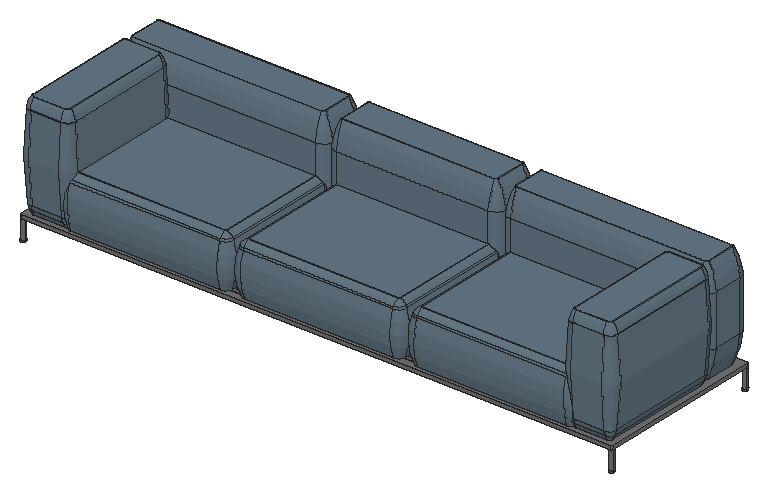
Revit family "Haworth_Mex-Hi_Sofa_ExtraWide", category Furniture, Revit 2018 (continued)
Definition of nested family "Haworth_Mex-Hi_Sofa_Seat-Wide-PART"
  Forms (in)
    Extrusion 6, solid, material <- "Seat Upholstery Finish", visible <- "Peninsula Seat"
      sketch origin (0, 0, 0) x (1, 0, 0) y (0, 1, 0)
        loop
          arc (7.11037, 8.64594) -> (6.96338, 8.58506) -> (6.9025, 8.43807) r 0.20787
          line (6.9025, 8.43807) -> (6.9025, -1.85406) -> (-28.21385, -1.85406)
          arc (-28.21385, -1.85406) -> (-28.36084, -1.91494) -> (-28.42172, -2.06193) r 0.20787
          line (-28.42172, -2.06193) -> (-28.42172, -22.96848)
      from 4.88189 to 15.36974
    Sweep 7, solid, material <- "Seat Upholstery Finish", visible <- "Middle Large Seat"
      path origin (4.78944, 14.72405, 0) x (1, 0, 0) y (0, 1, 0)
        loop
          arc (8.99067, -39.44252) -> (10.2281, -38.92996) -> (10.74067, -37.69252) r 1.75
          line (10.74067, -37.69252) -> (10.74067, -14.53597)
          arc (10.74067, -14.53597) -> (10.2281, -13.29854) -> (8.99067, -12.78597) r 1.75
          line (8.99067, -12.78597) -> (-30.80933, -12.78597)
          arc (-30.80933, -12.78597) -> (-32.04677, -13.29854) -> (-32.55933, -14.53597) r 1.75
          line (-32.55933, -14.53597) -> (-32.55933, -37.69252)
          arc (-32.55933, -37.69252) -> (-32.04677, -38.92996) -> (-30.80933, -39.44252) r 1.75
          line (-30.80933, -39.44252) -> (8.99067, -39.44252)
      profile origin (-6.11989, -24.71848, 0) x (0, -1, 0) y (0, 0, 1)
        loop
          arc (-0.11034, 13.92822) -> (-0.19803, 14.13034) -> (-0.31579, 14.31655) r 1.42697
          arc (-0.31579, 14.31655) -> (-0.8708, 14.91087) -> (-1.54213, 15.36974) r 3.70331
          line (-1.54213, 15.36974) -> (-1.54213, 4.88189) -> (-0.41268, 4.88189)
          arc (-0.41268, 4.88189) -> (0.57441, 9.37712) -> (-0.11034, 13.92822) r 12.66244
    Extrusion 8, solid, material <- "Seat Upholstery Finish", visible <- "Middle Large Seat"
      sketch origin (4.78944, 14.97405, 0) x (1, 0, 0) y (0, 1, 0)
        loop
          arc (9.19853, -14.53597) -> (9.13765, -14.38899) -> (8.99067, -14.32811) r 0.20787
          line (8.99067, -14.32811) -> (-30.80933, -14.32811)
          arc (-30.80933, -14.32811) -> (-30.95632, -14.38899) -> (-31.0172, -14.53597) r 0.20787
          line (-31.0172, -14.53597) -> (-31.0172, -37.94252)
          arc (-31.0172, -37.94252) -> (-30.95632, -38.08951) -> (-30.80933, -38.15039) r 0.20787
          line (-30.80933, -38.15039) -> (8.99067, -38.15039)
          arc (8.99067, -38.15039) -> (9.13765, -38.08951) -> (9.19853, -37.94252) r 0.20787
          line (9.19853, -37.94252) -> (9.19853, -14.53597)
      from 4.88189 to 15.36974
  Lines and regions (in)
    Masking region 1, visible <- "Middle Small Seat"
      outline origin (0, 0, 0) x (1, 0, 0) y (0, 1, 0)
        loop
          line (-23.80117, 0.15039) -> (-23.80117, -22.93079)
          arc (-23.80117, -22.93079) -> (-23.06894, -24.69856) -> (-21.30117, -25.43079) r 2.5
          line (-21.30117, -25.43079) -> (9.06138, -25.43079)
          arc (9.06138, -25.43079) -> (10.82915, -24.69856) -> (11.56138, -22.93079) r 2.5
          line (11.56138, -22.93079) -> (11.56138, 0.15039)
          arc (11.56138, 0.15039) -> (10.82915, 1.91816) -> (9.06138, 2.65039) r 2.5
          line (9.06138, 2.65039) -> (-21.30117, 2.65039)
          arc (-21.30117, 2.65039) -> (-23.06894, 1.91816) -> (-23.80117, 0.15039) r 2.5
    Masking region 2, visible <- "L/R Seat"
      outline origin (0, 0, 0) x (1, 0, 0) y (0, 1, 0)
        loop
          line (-19.80117, 0.15039) -> (-19.80117, -22.93079)
          arc (-19.80117, -22.93079) -> (-19.06894, -24.69856) -> (-17.30117, -25.43079) r 2.5
          line (-17.30117, -25.43079) -> (5.06138, -25.43079)
          arc (5.06138, -25.43079) -> (6.82915, -24.69856) -> (7.56138, -22.93079) r 2.5
          line (7.56138, -22.93079) -> (7.56138, 0.15039)
          arc (7.56138, 0.15039) -> (6.82915, 1.91816) -> (5.06138, 2.65039) r 2.5
          line (5.06138, 2.65039) -> (-17.30117, 2.65039)
          arc (-17.30117, 2.65039) -> (-19.06894, 1.91816) -> (-19.80117, 0.15039) r 2.5
    Masking region 3, visible <- "Peninsula Seat"
      outline origin (0, 0, 0) x (1, 0, 0) y (0, 1, 0)
        loop
          line (4.77305, 0.27539) -> (-28.30117, 0.27539)
          arc (-28.30117, 0.27539) -> (-29.89216, -0.38362) -> (-30.55117, -1.97461) r 2.25
          line (-30.55117, -1.97461) -> (-30.55117, -23.05579)
          arc (-30.55117, -23.05579) -> (-29.89216, -24.64678) -> (-28.30117, -25.30579) r 2.25
          line (-28.30117, -25.30579) -> (18.93638, -25.30579)
          arc (18.93638, -25.30579) -> (20.52737, -24.64678) -> (21.18638, -23.05579) r 2.25
          line (21.18638, -23.05579) -> (21.18638, 8.52539)
          arc (21.18638, 8.52539) -> (20.52737, 10.11638) -> (18.93638, 10.77539) r 2.25
          line (18.93638, 10.77539) -> (7.02305, 10.77539)
          arc (7.02305, 10.77539) -> (5.43206, 10.11638) -> (4.77305, 8.52539) r 2.25
          line (4.77305, 8.52539) -> (4.77305, 0.27539)
    Masking region 4, visible <- "Middle Large Seat"
      outline origin (0, 0, 0) x (1, 0, 0) y (0, 1, 0)
        loop
          line (-28.42172, 0.15039) -> (-28.42172, -22.93079)
          arc (-28.42172, -22.93079) -> (-27.68949, -24.69856) -> (-25.92172, -25.43079) r 2.5
          line (-25.92172, -25.43079) -> (13.61448, -25.43079)
          arc (13.61448, -25.43079) -> (15.38225, -24.69856) -> (16.11448, -22.93079) r 2.5
          line (16.11448, -22.93079) -> (16.11448, 0.15039)
          arc (16.11448, 0.15039) -> (15.38225, 1.91816) -> (13.61448, 2.65039) r 2.5
          line (13.61448, 2.65039) -> (-25.92172, 2.65039)
          arc (-25.92172, 2.65039) -> (-27.68949, 1.91816) -> (-28.42172, 0.15039) r 2.5
  Dimensions and locks (in)
    equal spacing: plane 8 "Left", plane 2 "Center L/R", plane 7 "Right"
    "Actual Width": plane 8 "Left" to plane 7 "Right"
    equal spacing: plane 5 "Back", plane 3 "Center F/B", plane 6 "Front"
    "Actual Depth": plane 5 "Back" to plane 6 "Front"
    "Actual Height": plane 4 "Top" to plane 1
    "Seat Height": plane 9 to level
    aligned and locked: Sweep 7 to Extrusion 8 sketch curve
    aligned and locked: Extrusion 8 sketch curve to Sweep 7
  Automatic sketch dimensions
    plane 8 "Left" to Extrusion 1 sketch curve = 2.29174"
    Extrusion 1 sketch curve to Extrusion 1 sketch curve = 0.20787"  (x3)
    Extrusion 1 sketch curve to plane 7 "Right" = 2.49961"  (x2)
    plane 6 "Front" to Extrusion 1 sketch curve = 2.72405"
    Extrusion 1 sketch curve to plane 5 "Back" = 2.71232"
    plane 8 "Left" to Sweep 2 sketch curve = 0.74961"
    Sweep 2 sketch curve to plane 5 "Back" = 0.96232"
    Sweep 2 sketch curve to Sweep 2 sketch curve = 1.75"  (x2)
    plane 6 "Front" to Sweep 2 sketch curve = 1.18191"
    Sweep 2 sketch curve to plane 7 "Right" = 2.49961"  (x2)
    Sweep 2 sketch curve to plane 7 "Right" = 0.74961"
    profile plane to Sweep 2 sketch curve = 12.08096"
    profile plane to Sweep 2 sketch curve = 3.28358"
    profile plane to Sweep 2 sketch curve = 1.54213"
    profile plane to Sweep 2 sketch curve = 1.45935"
    profile plane to Sweep 2 sketch curve = 0.41268"
    level to Sweep 2 sketch curve = 4.88189"
    level to Sweep 2 sketch curve = 9.80008"
    Sweep 2 sketch curve to Sweep 2 sketch curve = 7.21954"
    Sweep 2 sketch curve to Sweep 2 sketch curve = 1.36158"
    Sweep 2 sketch curve to Sweep 2 sketch curve = 1.90673"
    Sweep 2 sketch curve to Sweep 2 sketch curve = 0.00"
    plane 6 "Front" to Extrusion 3 sketch curve = 2.93191"  (x2)
    plane 8 "Left" to Extrusion 3 sketch curve = 6.29174"
    Extrusion 3 sketch curve to Extrusion 3 sketch curve = 0.20787"  (x2)
    Extrusion 3 sketch curve to plane 5 "Back" = 2.71232"
    Extrusion 3 sketch curve to plane 7 "Right" = 6.49961"  (x2)
    plane 8 "Left" to Sweep 4 sketch curve = 4.74961"
    Sweep 4 sketch curve to plane 5 "Back" = 0.96232"
    Sweep 4 sketch curve to Sweep 4 sketch curve = 1.75"  (x3)
    plane 6 "Front" to Sweep 4 sketch curve = 1.18191"
    plane 6 "Front" to Sweep 4 sketch curve = 2.93191"
    Sweep 4 sketch curve to plane 7 "Right" = 6.49961"
    profile plane to Sweep 4 sketch curve = 12.08096"
    profile plane to Sweep 4 sketch curve = 3.28358"
    profile plane to Sweep 4 sketch curve = 1.54213"
    profile plane to Sweep 4 sketch curve = 1.45935"
    profile plane to Sweep 4 sketch curve = 0.41268"
    level to Sweep 4 sketch curve = 4.88189"
    level to Sweep 4 sketch curve = 9.80008"
    Sweep 4 sketch curve to Sweep 4 sketch curve = 7.21954"
    Sweep 4 sketch curve to Sweep 4 sketch curve = 1.36158"
    Sweep 4 sketch curve to Sweep 4 sketch curve = 1.90673"
    Sweep 4 sketch curve to Sweep 4 sketch curve = 0.00"
    plane 8 "Left" to Masking region 1 sketch curve = 0.16833"
    plane 6 "Front" to Masking region 1 sketch curve = 0.4696"
    plane 8 "Left" to Masking region 1 sketch curve = 2.66833"
    Masking region 1 sketch curve to Masking region 1 sketch curve = 2.50"
    Masking region 1 sketch curve to plane 5 "Back" = 0.25"
    Masking region 1 sketch curve to plane 7 "Right" = 2.66833"  (x2)
    Masking region 1 sketch curve to plane 7 "Right" = 0.16833"
    plane 8 "Left" to Masking region 2 sketch curve = 4.16833"
    Masking region 2 sketch curve to Masking region 2 sketch curve = 2.50"  (x3)
    Masking region 2 sketch curve to plane 5 "Back" = 0.25"
    Masking region 2 sketch curve to plane 7 "Right" = 6.66833"  (x2)
    plane 6 "Front" to Masking region 2 sketch curve = 0.4696"
    Sweep 5 sketch curve to plane 8 "Left" = 5.99435"
    Sweep 5 sketch curve to Sweep 5 sketch curve = 1.75"  (x4)
    Sweep 5 sketch curve to plane 7 "Right" = 6.36935"
    plane 7 "Right" to Sweep 5 sketch curve = 7.11935"  (x2)
    plane 6 "Front" to Sweep 5 sketch curve = 2.93191"
    Sweep 5 sketch curve to plane 5 "Back" = 4.96232"
    plane 5 "Back" to Sweep 5 sketch curve = 5.53768"
    profile plane to Sweep 5 sketch curve = 12.08096"
    profile plane to Sweep 5 sketch curve = 3.28358"
    profile plane to Sweep 5 sketch curve = 1.54213"
    profile plane to Sweep 5 sketch curve = 1.45935"
    profile plane to Sweep 5 sketch curve = 0.41268"
    level to Sweep 5 sketch curve = 4.88189"
    level to Sweep 5 sketch curve = 9.80008"
    Sweep 5 sketch curve to Sweep 5 sketch curve = 7.21954"
    Sweep 5 sketch curve to Sweep 5 sketch curve = 1.36158"
    Sweep 5 sketch curve to Sweep 5 sketch curve = 1.90673"
    Sweep 5 sketch curve to Sweep 5 sketch curve = 0.00"
    Extrusion 6 sketch curve to plane 8 "Left" = 4.45222"
    Extrusion 6 sketch curve to Extrusion 6 sketch curve = 0.20787"  (x4)
    Extrusion 6 sketch curve to plane 7 "Right" = 4.82722"
    plane 6 "Front" to Extrusion 6 sketch curve = 2.72405"
    plane 7 "Right" to Extrusion 6 sketch curve = 7.11935"  (x2)
    Extrusion 6 sketch curve to plane 5 "Back" = 4.96232"
    plane 5 "Back" to Extrusion 6 sketch curve = 5.53768"
    Masking region 3 sketch curve to plane 8 "Left" = 6.58167"
    plane 6 "Front" to Masking region 3 sketch curve = 0.5946"
    Masking region 3 sketch curve to Masking region 3 sketch curve = 2.25"  (x4)
    Masking region 3 sketch curve to plane 5 "Back" = 2.625"
    Masking region 3 sketch curve to plane 7 "Right" = 6.95667"
    plane 7 "Right" to Masking region 3 sketch curve = 7.20667"  (x2)
    plane 5 "Back" to Masking region 3 sketch curve = 5.625"
    Sweep 7 sketch curve to plane 8 "Left" = 3.80039"
    Sweep 7 sketch curve to plane 5 "Back" = 0.96232"
    Sweep 7 sketch curve to plane 8 "Left" = 2.05039"  (x2)
    plane 6 "Front" to Sweep 7 sketch curve = 1.18191"
    plane 7 "Right" to Sweep 7 sketch curve = 2.05039"  (x2)
    Sweep 7 sketch curve to Sweep 7 sketch curve = 1.75"
    profile plane to Sweep 7 sketch curve = 12.08096"
    profile plane to Sweep 7 sketch curve = 3.28358"
    profile plane to Sweep 7 sketch curve = 1.54213"
    profile plane to Sweep 7 sketch curve = 1.45935"
    profile plane to Sweep 7 sketch curve = 0.41268"
    level to Sweep 7 sketch curve = 4.88189"
    level to Sweep 7 sketch curve = 9.80008"
    Sweep 7 sketch curve to Sweep 7 sketch curve = 7.21954"
    Sweep 7 sketch curve to Sweep 7 sketch curve = 1.36158"
    Sweep 7 sketch curve to Sweep 7 sketch curve = 1.90673"
    Sweep 7 sketch curve to Sweep 7 sketch curve = 0.00"
    Extrusion 8 sketch curve to Extrusion 8 sketch curve = 0.20787"  (x4)
    plane 6 "Front" to Extrusion 8 sketch curve = 2.72405"
    Extrusion 8 sketch curve to plane 5 "Back" = 2.46232"
    Masking region 4 sketch curve to plane 5 "Back" = 2.75"
    Masking region 4 sketch curve to plane 8 "Left" = 4.45222"
    plane 6 "Front" to Masking region 4 sketch curve = 0.4696"
    Masking region 4 sketch curve to plane 8 "Left" = 1.95222"  (x2)
    plane 7 "Right" to Masking region 4 sketch curve = 1.88477"  (x2)
    Masking region 4 sketch curve to Masking region 4 sketch curve = 2.50"
Definition of nested family "Haworth_Mex-Hi_Sofa_Arm-Wide-PART"
  Parameters (values of type "Arm Wide - PART")
    Warranty = "http://www.haworth.com/resources/product-info/warranties"
    URL - Product = "https://www.haworth.com/na/en/products/lounge-sofas/ottomans/mex-hi-seating.html"
    URL = "https://www.haworth.com/na/en/about/brands/haworth-collection.html"
    Sustainability Info = "https://www.haworth.com/na/en/expertise/sustainability.html"
    Size = "Verify Final Dim. w/ Haworth"  # constant formula
    Seat Height = 17.00"  # constant formula
    Revision Number = "1"  # constant formula
    Model = "Haworth - Cassina - Mex-Hi"  # constant formula
    Manufacturer = "Haworth"  # constant formula
    Description = "Haworth - Cassina - Mex-Hi - Arm - Wide - PART"  # constant formula
    Author = "Haworth (Abd Rahman)"  # constant formula
    Assembly Code = "E2020200"
    Arm Finish [instance] = none
    Actual Width = 10.60"  # constant formula
    Actual Height = 27.39844"  # constant formula
    Actual Depth = 26.95"  # constant formula
  Reference planes (in)
    plane 1: z = 0
    plane 2 "Top": z = 27.39844
    plane 3: z = 17
    plane 4 "Center (Left/Right)": x = -6.86693
    plane 5 "Right": x = -1.56693
    plane 6 "Left": x = -12.16693
    plane 7 "Back": y = 4.0526
    plane 8 "Front": y = -22.8974
    plane 9 "Center (Front/Back)": y = -9.4224
  Forms (in)
    Extrusion 1, solid, material <- "Arm Finish"
      sketch origin (0.63191, -49.7521, 0) x (0, -1, 0) y (1, 0, 0)
        loop
          arc (-51.61789, -3.68512) -> (-52.10354, -3.88628) -> (-52.3047, -4.37193) r 0.68681
          line (-52.3047, -4.37193) -> (-52.3047, -10.62086)
          arc (-52.3047, -10.62086) -> (-52.10354, -11.10651) -> (-51.61789, -11.30768) r 0.68681
          line (-51.61789, -11.30768) -> (-29.02629, -11.30768)
          arc (-29.02629, -11.30768) -> (-28.54064, -11.10651) -> (-28.33948, -10.62086) r 0.68681
          line (-28.33948, -10.62086) -> (-28.33948, -4.37193)
          arc (-28.33948, -4.37193) -> (-28.54064, -3.88628) -> (-29.02629, -3.68512) r 0.68681
          line (-29.02629, -3.68512) -> (-51.61789, -3.68512)
      from 4.93145 to 26.69365
    Sweep 2, solid, material <- "Arm Finish"
      path origin (2.28007, -11.64795, 0) x (0, -1, 0) y (1, 0, 0)
        loop
          arc (-13.51374, -5.2201) -> (-14.07942, -5.45441) -> (-14.31374, -6.0201) r 0.8
          line (-14.31374, -6.0201) -> (-14.31374, -12.26903)
          arc (-14.31374, -12.26903) -> (-14.07942, -12.83471) -> (-13.51374, -13.06903) r 0.8
          line (-13.51374, -13.06903) -> (9.07287, -13.06903)
          arc (9.07287, -13.06903) -> (9.63856, -12.83471) -> (9.87287, -12.26903) r 0.8
          line (9.87287, -12.26903) -> (9.87287, -6.0201)
          arc (9.87287, -6.0201) -> (9.63856, -5.45441) -> (9.07287, -5.2201) r 0.8
          line (9.07287, -5.2201) -> (-13.51374, -5.2201)
      profile origin (-2.94003, -9.42752, 0) x (1, 0, 0) y (0, 0, 1)
        loop
          arc (-0.11319, 4.93145) -> (0.10629, 5.35475) -> (0.30664, 5.78743) r 10.67748
          arc (0.30664, 5.78743) -> (0.49657, 6.31175) -> (0.61822, 6.85598) r 4.37313
          arc (0.61822, 6.85598) -> (1.36933, 15.6991) -> (0.85457, 24.55912) r 62.21694
          arc (0.85457, 24.55912) -> (0.85037, 24.58806) -> (0.84533, 24.61687) r 1
          arc (0.84533, 24.61687) -> (0.49365, 25.71414) -> (-0.11319, 26.69365) r 4.72445
          line (-0.11319, 26.69365) -> (-0.11319, 4.93145)
  Lines and regions (in)
    Masking region 1
      outline origin (0, 0, 0) x (1, 0, 0) y (0, 1, 0)
        loop
          line (-3.71693, 4.0526) -> (-10.01693, 4.0526)
          arc (-10.01693, 4.0526) -> (-11.53721, 3.42288) -> (-12.16693, 1.9026) r 2.15
          line (-12.16693, 1.9026) -> (-12.16693, -20.74456)
          arc (-12.16693, -20.74456) -> (-11.53638, -22.26685) -> (-10.0141, -22.8974) r 2.15284
          line (-10.0141, -22.8974) -> (-3.71693, -22.8974)
          arc (-3.71693, -22.8974) -> (-2.19665, -22.26768) -> (-1.56693, -20.7474) r 2.15
          line (-1.56693, -20.7474) -> (-1.56693, 1.9026)
          arc (-1.56693, 1.9026) -> (-2.19665, 3.42288) -> (-3.71693, 4.0526) r 2.15
  Dimensions and locks (in)
    "Actual Height": plane 2 "Top" to plane 1
    "Seat Height": plane 3 to level
    equal spacing: plane 6 "Left", plane 4 "Center (Left/Right)", plane 5 "Right"
    "Actual Width": plane 6 "Left" to plane 5 "Right"
    equal spacing: plane 8 "Front", plane 9 "Center (Front/Back)", plane 7 "Back"
    "Actual Depth": plane 8 "Front" to plane 7 "Back"
  Automatic sketch dimensions
    Sweep 2 sketch curve to Sweep 2 sketch curve = 0.80"  (x3)
    Sweep 2 sketch curve to Sweep 2 sketch curve = 0.00"  (x4)
    Sweep 2 sketch curve to Sweep 2 sketch curve = 6.24893"
    level to Sweep 2 sketch curve = 16.52967"
    profile plane to Sweep 2 sketch curve = 60.84208"
    profile plane to Sweep 2 sketch curve = 9.48023"
    profile plane to Sweep 2 sketch curve = 3.79596"
    profile plane to Sweep 2 sketch curve = 3.70172"
    profile plane to Sweep 2 sketch curve = 0.13707"
    profile plane to Sweep 2 sketch curve = 0.11319"
    level to Sweep 2 sketch curve = 10.05658"
    Sweep 2 sketch curve to Sweep 2 sketch curve = 2.52065"
    Sweep 2 sketch curve to Sweep 2 sketch curve = 2.60448"
    Sweep 2 sketch curve to Sweep 2 sketch curve = 13.67773"
    Sweep 2 sketch curve to Sweep 2 sketch curve = 0.69575"
    Sweep 2 sketch curve to Sweep 2 sketch curve = 2.26359"
    Extrusion 1 sketch curve to Extrusion 1 sketch curve = 0.68681"  (x3)
    Extrusion 1 sketch curve to Extrusion 1 sketch curve = 22.5916"
    Extrusion 1 sketch curve to Extrusion 1 sketch curve = 0.00"
    Extrusion 1 sketch curve to Extrusion 1 sketch curve = 6.24893"
    plane 6 "Left" to Extrusion 1 sketch curve = 1.49116"
    plane 6 "Left" to Sweep 2 sketch curve = 1.37798"
    plane 7 "Back" to Extrusion 1 sketch curve = 1.50"
    plane 7 "Back" to Sweep 2 sketch curve = 1.38681"
    plane 8 "Front" to Sweep 2 sketch curve = 2.17657"
    Masking region 1 sketch curve to plane 6 "Left" = 0.00"
    plane 6 "Left" to Masking region 1 sketch curve = 2.15"
    plane 8 "Front" to Masking region 1 sketch curve = 2.15284"
    Masking region 1 sketch curve to Masking region 1 sketch curve = 2.15284"
    Masking region 1 sketch curve to plane 5 "Right" = 2.15"  (x2)
    Masking region 1 sketch curve to plane 5 "Right" = 0.00"
    plane 7 "Back" to Masking region 1 sketch curve = 2.15"
Types (3): name | Without Arms | With Arms | Right Arms | Left Arms | Description
  Three Seat Sofa - Two Arms | no | yes | yes | yes | "Haworth - Cassina - Mex-Hi - Sofa - Two Arms - Extra Wide Three Seat"
  Three Seat Sofa - One Arm | yes | no | no | yes | "Haworth - Cassina - Mex-Hi - Sofa - One Arm - Extra Wide Three Seat"
  Three Seat Sofa - Without Arm | yes | no | no | no | "Haworth - Cassina - Mex-Hi - Sofa - Without Arm - Extra Wide Three Seat"
